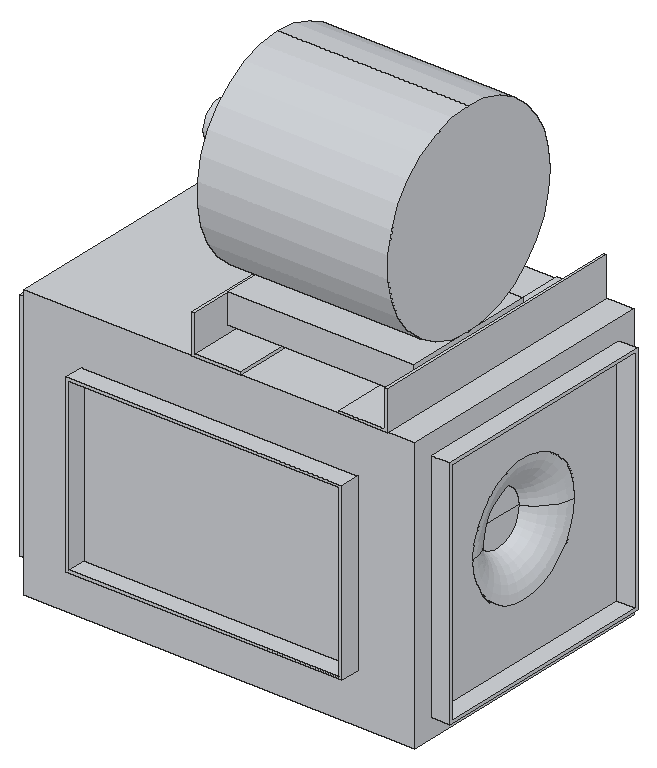
Revit family "SQN-B-SIDE", category Mechanical Equipment, Revit 2019
Family settings
  Round Connector Dimension = Use Diameter
  Part Type = Normal
  Work Plane-Based = No
  Always vertical = Yes
  Cut with Voids When Loaded = No
  Shared = No
  Room Calculation Point = No
Parameters (values of type "80_SQN-B-SIDE")
  ZERO = 0' - 0"
  Voltage [instance] = 0 V
  Unit Weight [instance] = ""
  URL = "www.lorencook.com"
  Type Comments = "Centrifugal Square Inline Side Discharge Belt Drive"  # constant formula
  T_SQ_HALF = T_SQ / 2  # 0' - 6"
  T_SQ = 1' - 0"
  TENTH_B = -B_SUB / 10  # -0' - 2"
  TENTHB+FOURTHB = TENTH_B - FOURTH_B  # -0' - 7"
  Static Pressure [instance] = 0.00 in-wg
  Sones [instance] = ""
  SHAFT_RAD = E_SUB / 12  # 0' - 1.04167"
  RAIL_SPACING = B_SUB / 2  # 0' - 10"
  Power [instance] = Voltage * Motor FLA * sqrt(if(Phase = 3, 3, 1))  # 0 VA
  Phase [instance] = 0
  Number of Poles [instance] = 1
  NEG_HALF_D = -HALF_D_SUB  # -0' - 7"
  NEG_HALF2H+D = -(FLANGE + FLANGE + D_SUB) / 2  # -0' - 8"
  NEGHALFC-B = -(C_SUB - B_SUB) / 2  # -0' - 1"
  Motor RPM [instance] = ""
  Motor Hp [instance] = "0"
  Motor FLA [instance] = 0 A
  Motor Enclosure [instance] = ""
  ModelID [instance] = ""
  Model = "SQN-B"  # constant formula
  Manufacturer = "Loren Cook Company"
  MOTOR_DEPTH = -RAIL_SPACING + 0' 0 1/4" - 0' 3"  # -1' - 0 3/4"
  LwA [instance] = ""
  IN_TENTH = INLET_RADIUS - D_SUB_TENTH  # 0' - 2.1"
  IN_RAD-D_SUB_TENTH = INLET_RADIUS - D_SUB_TENTH  # 0' - 2.1"
  INLET_RADIUS = HALF_D_SUB / 2  # 0' - 3 1/2"
  HALF_MP = (-TENTH_B + FOURTH_B) / 2  # 0' - 3 1/2"
  HALF_G = 0' - 11 101/256"
  HALF_F = 0' - 11 1/32"
  HALF_D_SUB_MIN_.25 = D_SUB_MINUS_.25 / 2  # 0' - 6 7/8"
  HALF_D_SUB = D_SUB / 2  # 0' - 7"
  HALF_D-F = (D_SUB - F_SUB) / 2  # 0' - 2 17/32"
  HALF_D-A = (D_SUB - A_SUB) / 2  # 0' - 1"
  HALF_D = D_SUB / 2  # 0' - 7"
  HALF_B-G = (B_SUB - G_SUB) / 2  # 0' - 2 15/16"
  HALF_B = B_SUB / 2  # 0' - 10"
  HALF_2H+D = (FLANGE + FLANGE + D_SUB) / 2  # 0' - 8"
  HALFC-B = (C_SUB - B_SUB) / 2  # 0' - 1"
  G_SUB = 1' - 2 1/8"
  Fan RPM [instance] = ""
  F_SUB = 0' - 8 15/16"
  FOURTH_B = B_SUB / 4  # 0' - 5"
  FLANGE = 0' - 1"
  E_SUB_DIRECT = D_SUB + 0' 2"  # 1' - 4"
  E_SUB = 1' - 0 1/2"
  D_PLUS_2 = D_SUB + 0' 2"  # 1' - 4"
  D_SUB_TENTH = D_SUB / 10  # 0' - 1.4"
  D_SUB_MINUS_.25 = D_SUB - 0' 0 1/4"  # 1' - 1 3/4"
  D_SUB = 1' - 2"
  DEPTH = B_SUB  # 1' - 8"
  C_SUB = 1' - 10"
  CFM [instance] = 0 CFM
  Brake Hp [instance] = ""
  B_SUB_MIN_.125 = B_SUB - 0' 0 1/8"  # 1' - 7 7/8"
  B_SUB = 1' - 8"
  Accessories [instance] = ""
  A_SUB = 1' - 0"
  1.5 = 0' - 1 1/2"  # constant formula
  ONE EIGTH = 0' - 0 1/8"  # constant formula
Types (19): name | TENTH_B | TENTHB+FOURTHB | SHAFT_RAD | RAIL_SPACING | NEG_HALF_D | NEG_HALF2H+D | NEGHALFC-B | MOTOR_DEPTH | IN_TENTH | IN_RAD-D_SUB_TENTH | INLET_RADIUS | HALF_MP | HALF_D_SUB_MIN_.25 | HALF_D_SUB | HALF_D-F | HALF_D-A | HALF_D | HALF_B-G | HALF_B | HALF_2H+D | HALFC-B | G_SUB | F_SUB | FOURTH_B | FLANGE | E_SUB_DIRECT | E_SUB | D_PLUS_2 | D_SUB_TENTH | D_SUB_MINUS_.25 | D_SUB | DEPTH | C_SUB | B_SUB_MIN_.125 | B_SUB | A_SUB
  (no name) | -0' - 2" | -0' - 7" | 0' - 1.04167" | 0' - 10" | -0' - 7" | -0' - 8" | -0' - 1" | -1' - 0 3/4" | 0' - 2.1" | 0' - 2.1" | 0' - 3 1/2" | 0' - 3 1/2" | 0' - 6 7/8" | 0' - 7" | 0' - 2 17/32" | 0' - 1" | 0' - 7" | 0' - 2 15/16" | 0' - 10" | 0' - 8" | 0' - 1" | 1' - 2 1/8" | 0' - 8 15/16" | 0' - 5" | 0' - 1" | 1' - 4" | 1' - 0 1/2" | 1' - 4" | 0' - 1.4" | 1' - 1 3/4" | 1' - 2" | 1' - 8" | 1' - 10" | 1' - 7 7/8" | 1' - 8" | 1' - 0"
  70_SQN-B-SIDE | -0' - 2" | -0' - 7" | 0' - 1.04167" | 0' - 10" | -0' - 7" | -0' - 8" | -0' - 1" | -1' - 0 3/4" | 0' - 2.1" | 0' - 2.1" | 0' - 3 1/2" | 0' - 3 1/2" | 0' - 6 7/8" | 0' - 7" | 0' - 2 17/32" | 0' - 1" | 0' - 7" | 0' - 2 15/16" | 0' - 10" | 0' - 8" | 0' - 1" | 1' - 2 1/8" | 0' - 8 15/16" | 0' - 5" | 0' - 1" | 1' - 4" | 1' - 0 1/2" | 1' - 4" | 0' - 1.4" | 1' - 1 3/4" | 1' - 2" | 1' - 8" | 1' - 10" | 1' - 7 7/8" | 1' - 8" | 1' - 0"
  80_SQN-B-SIDE | -0' - 2" | -0' - 7" | 0' - 1.04167" | 0' - 10" | -0' - 7" | -0' - 8" | -0' - 1" | -1' - 0 3/4" | 0' - 2.1" | 0' - 2.1" | 0' - 3 1/2" | 0' - 3 1/2" | 0' - 6 7/8" | 0' - 7" | 0' - 2 17/32" | 0' - 1" | 0' - 7" | 0' - 2 15/16" | 0' - 10" | 0' - 8" | 0' - 1" | 1' - 2 1/8" | 0' - 8 15/16" | 0' - 5" | 0' - 1" | 1' - 4" | 1' - 0 1/2" | 1' - 4" | 0' - 1.4" | 1' - 1 3/4" | 1' - 2" | 1' - 8" | 1' - 10" | 1' - 7 7/8" | 1' - 8" | 1' - 0"
  100_SQN-B-SIDE | -0' - 2" | -0' - 7" | 0' - 1.04167" | 0' - 10" | -0' - 7" | -0' - 8" | -0' - 1" | -1' - 0 3/4" | 0' - 2.1" | 0' - 2.1" | 0' - 3 1/2" | 0' - 3 1/2" | 0' - 6 7/8" | 0' - 7" | 0' - 2 17/32" | 0' - 1" | 0' - 7" | 0' - 2 15/16" | 0' - 10" | 0' - 8" | 0' - 1" | 1' - 2 1/8" | 0' - 8 15/16" | 0' - 5" | 0' - 1" | 1' - 4" | 1' - 0 1/2" | 1' - 4" | 0' - 1.4" | 1' - 1 3/4" | 1' - 2" | 1' - 8" | 1' - 10" | 1' - 7 7/8" | 1' - 8" | 1' - 0"
  120_SQN-B-SIDE | -0' - 2" | -0' - 7" | 0' - 1.04167" | 0' - 10" | -0' - 9 7/32" | -0' - 10 7/32" | -0' - 1" | -1' - 0 3/4" | 0' - 2 49/64" | 0' - 2 49/64" | 0' - 4 39/64" | 0' - 3 1/2" | 0' - 9 3/32" | 0' - 9 7/32" | 0' - 2 15/16" | 0' - 1 7/32" | 0' - 9 7/32" | 0' - 2 15/16" | 0' - 10" | 0' - 10 7/32" | 0' - 1" | 1' - 2 1/8" | 1' - 0 9/16" | 0' - 5" | 0' - 1" | 1' - 8 7/16" | 1' - 0 1/2" | 1' - 8 7/16" | 0' - 1 27/32" | 1' - 6 3/16" | 1' - 6 7/16" | 1' - 8" | 1' - 10" | 1' - 7 7/8" | 1' - 8" | 1' - 4"
  135_SQN-B-SIDE | -0' - 2.025" | -0' - 7.0875" | 0' - 1.04167" | 0' - 10 1/8" | -0' - 10 3/8" | -0' - 11 3/8" | -0' - 1" | -1' - 0 7/8" | 0' - 3.1125" | 0' - 3.1125" | 0' - 5 3/16" | 0' - 3.54375" | 0' - 10 1/4" | 0' - 10 3/8" | 0' - 3 13/16" | 0' - 1 3/8" | 0' - 10 3/8" | 0' - 3" | 0' - 10 1/8" | 0' - 11 3/8" | 0' - 1" | 1' - 2 1/4" | 1' - 1 1/8" | 0' - 5 1/16" | 0' - 1" | 1' - 10 3/4" | 1' - 0 1/2" | 1' - 10 3/4" | 0' - 2.075" | 1' - 8 1/2" | 1' - 8 3/4" | 1' - 8 1/4" | 1' - 10 1/4" | 1' - 8 1/8" | 1' - 8 1/4" | 1' - 6"
  150_SQN-B-SIDE | -0' - 2 3/16" | -0' - 7 21/32" | 0' - 1 1/16" | 0' - 10 15/16" | -0' - 11 1/2" | -1' - 0 1/2" | -0' - 1" | -1' - 1 11/16" | 0' - 3.45" | 0' - 3.45" | 0' - 5 3/4" | 0' - 3 53/64" | 0' - 11 3/8" | 0' - 11 1/2" | 0' - 3 7/16" | 0' - 1 1/2" | 0' - 11 1/2" | 0' - 2 31/32" | 0' - 10 15/16" | 1' - 0 1/2" | 0' - 1" | 1' - 3 15/16" | 1' - 4 1/8" | 0' - 5 15/32" | 0' - 1" | 2' - 1" | 1' - 0 3/4" | 2' - 1" | 0' - 2.3" | 1' - 10 3/4" | 1' - 11" | 1' - 9 7/8" | 1' - 11 7/8" | 1' - 9 3/4" | 1' - 9 7/8" | 1' - 8"
  165_SQN-B-SIDE | -0' - 2 1/2" | -0' - 8 3/4" | 0' - 1.22917" | 1' - 0 1/2" | -1' - 0 21/32" | -1' - 1 21/32" | -0' - 1" | -1' - 3 1/4" | 0' - 3 51/64" | 0' - 3 51/64" | 0' - 6 21/64" | 0' - 4 3/8" | 1' - 0 17/32" | 1' - 0 21/32" | 0' - 3 19/32" | 0' - 1 21/32" | 1' - 0 21/32" | 0' - 2 15/16" | 1' - 0 1/2" | 1' - 1 21/32" | 0' - 1" | 1' - 7 1/8" | 1' - 6 1/8" | 0' - 6 1/4" | 0' - 1" | 2' - 3 5/16" | 1' - 2 3/4" | 2' - 3 5/16" | 0' - 2 17/32" | 2' - 1 1/16" | 2' - 1 5/16" | 2' - 1" | 2' - 3" | 2' - 0 7/8" | 2' - 1" | 1' - 10"
  60_SQN-B-SIDE | -0' - 2" | -0' - 7" | 0' - 1.04167" | 0' - 10" | -0' - 7" | -0' - 8" | -0' - 1" | -1' - 0 3/4" | 0' - 2.1" | 0' - 2.1" | 0' - 3 1/2" | 0' - 3 1/2" | 0' - 6 7/8" | 0' - 7" | 0' - 2 17/32" | 0' - 1" | 0' - 7" | 0' - 2 15/16" | 0' - 10" | 0' - 8" | 0' - 1" | 1' - 2 1/8" | 0' - 8 15/16" | 0' - 5" | 0' - 1" | 1' - 4" | 1' - 0 1/2" | 1' - 4" | 0' - 1.4" | 1' - 1 3/4" | 1' - 2" | 1' - 8" | 1' - 10" | 1' - 7 7/8" | 1' - 8" | 1' - 0"
  180_SQN-B-SIDE | -0' - 2.8" | -0' - 9.8" | 0' - 1.22917" | 1' - 2" | -1' - 1 13/16" | -1' - 2 13/16" | -0' - 1" | -1' - 4 3/4" | 0' - 4.14375" | 0' - 4.14375" | 0' - 6 29/32" | 0' - 4.9" | 1' - 1 11/16" | 1' - 1 13/16" | 0' - 3 3/4" | 0' - 1 13/16" | 1' - 1 13/16" | 0' - 3 1/2" | 1' - 2" | 1' - 2 13/16" | 0' - 1" | 1' - 9" | 1' - 8 1/8" | 0' - 7" | 0' - 1" | 2' - 5 5/8" | 1' - 2 3/4" | 2' - 5 5/8" | 0' - 2.7625" | 2' - 3 3/8" | 2' - 3 5/8" | 2' - 4" | 2' - 6" | 2' - 3 7/8" | 2' - 4" | 2' - 0"
  195_SQN-B-SIDE | -0' - 3.025" | -0' - 10.5875" | 0' - 1 1/4" | 1' - 3 1/8" | -1' - 2 31/32" | -1' - 3 31/32" | -0' - 1" | -1' - 5 7/8" | 0' - 4.49062" | 0' - 4.49062" | 0' - 7 31/64" | 0' - 5.29375" | 1' - 2 27/32" | 1' - 2 31/32" | 0' - 3 29/32" | 0' - 1 31/32" | 1' - 2 31/32" | 0' - 3 1/2" | 1' - 3 1/8" | 1' - 3 31/32" | 0' - 1" | 1' - 11 1/4" | 1' - 10 1/8" | 0' - 7 9/16" | 0' - 1" | 2' - 7 15/16" | 1' - 3" | 2' - 7 15/16" | 0' - 2.99375" | 2' - 5 11/16" | 2' - 5 15/16" | 2' - 6 1/4" | 2' - 8 1/4" | 2' - 6 1/8" | 2' - 6 1/4" | 2' - 2"
  210_SQN-B-SIDE | -0' - 3.2" | -0' - 11.2" | 0' - 1 1/4" | 1' - 4" | -1' - 3 5/8" | -1' - 5 5/8" | -0' - 1 1/2" | -1' - 6 3/4" | 0' - 4 11/16" | 0' - 4 11/16" | 0' - 7 13/16" | 0' - 5.6" | 1' - 3 1/2" | 1' - 3 5/8" | 0' - 3 9/16" | 0' - 1 5/8" | 1' - 3 5/8" | 0' - 3 3/4" | 1' - 4" | 1' - 5 5/8" | 0' - 1 1/2" | 2' - 0 1/2" | 2' - 0 1/8" | 0' - 8" | 0' - 2" | 2' - 9 1/4" | 1' - 3" | 2' - 9 1/4" | 0' - 3 1/8" | 2' - 7" | 2' - 7 1/4" | 2' - 8" | 2' - 11" | 2' - 7 7/8" | 2' - 8" | 2' - 4"
  225_SQN-B-SIDE | -0' - 3.425" | -0' - 11.9875" | 0' - 1.27083" | 1' - 5 1/8" | -1' - 4 3/4" | -1' - 6 3/4" | -0' - 1 1/2" | -1' - 7 7/8" | 0' - 5.025" | 0' - 5.025" | 0' - 8 3/8" | 0' - 5.99375" | 1' - 4 5/8" | 1' - 4 3/4" | 0' - 3 11/16" | 0' - 1 3/4" | 1' - 4 3/4" | 0' - 3 3/4" | 1' - 5 1/8" | 1' - 6 3/4" | 0' - 1 1/2" | 2' - 2 3/4" | 2' - 2 1/8" | 0' - 8 9/16" | 0' - 2" | 2' - 11 1/2" | 1' - 3 1/4" | 2' - 11 1/2" | 0' - 3.35" | 2' - 9 1/4" | 2' - 9 1/2" | 2' - 10 1/4" | 3' - 1 1/4" | 2' - 10 1/8" | 2' - 10 1/4" | 2' - 6"
  245_SQN-B-SIDE | -0' - 3.4" | -0' - 11.9" | 0' - 1 7/16" | 1' - 5" | -1' - 6" | -1' - 8" | -0' - 2" | -1' - 7 3/4" | 0' - 5.4" | 0' - 5.4" | 0' - 9" | 0' - 5.95" | 1' - 5 7/8" | 1' - 6" | 0' - 3 7/16" | 0' - 1 1/2" | 1' - 6" | 0' - 3 31/32" | 1' - 5" | 1' - 8" | 0' - 2" | 2' - 2 1/16" | 2' - 5 1/8" | 0' - 8 1/2" | 0' - 2" | 3' - 2" | 1' - 5 1/4" | 3' - 2" | 0' - 3.6" | 2' - 11 3/4" | 3' - 0" | 2' - 10" | 3' - 2" | 2' - 9 7/8" | 2' - 10" | 2' - 9"
  270_SQN-B-SIDE | -0' - 3 3/4" | -1' - 1 1/8" | 0' - 1 7/16" | 1' - 6 3/4" | -1' - 7 27/32" | -1' - 9 27/32" | -0' - 2" | -1' - 9 1/2" | 0' - 5 61/64" | 0' - 5 61/64" | 0' - 9 59/64" | 0' - 6 9/16" | 1' - 7 23/32" | 1' - 7 27/32" | 0' - 3 19/32" | 0' - 1 5/8" | 1' - 7 27/32" | 0' - 3 29/32" | 1' - 6 3/4" | 1' - 9 27/32" | 0' - 2" | 2' - 5 11/16" | 2' - 8 1/2" | 0' - 9 3/8" | 0' - 2" | 3' - 5 11/16" | 1' - 5 1/4" | 3' - 5 11/16" | 0' - 3 31/32" | 3' - 3 7/16" | 3' - 3 11/16" | 3' - 1 1/2" | 3' - 5 1/2" | 3' - 1 3/8" | 3' - 1 1/2" | 3' - 0 7/16"
  300_SQN-B-SIDE | -0' - 3.8" | -1' - 1.3" | 0' - 1 7/16" | 1' - 7" | -1' - 10" | -2' - 0" | -0' - 2" | -1' - 9 3/4" | 0' - 6.6" | 0' - 6.6" | 0' - 11" | 0' - 6.65" | 1' - 9 7/8" | 1' - 10" | 0' - 3 15/16" | 0' - 2" | 1' - 10" | 0' - 3 15/16" | 1' - 7" | 2' - 0" | 0' - 2" | 2' - 6 1/8" | 3' - 0 1/8" | 0' - 9 1/2" | 0' - 2" | 3' - 10" | 1' - 5 1/4" | 3' - 10" | 0' - 4.4" | 3' - 7 3/4" | 3' - 8" | 3' - 2" | 3' - 6" | 3' - 1 7/8" | 3' - 2" | 3' - 4"
  330_SQN-B-SIDE | -0' - 4.175" | -1' - 2.6125" | 0' - 1 7/16" | 1' - 8 7/8" | -2' - 0 7/32" | -2' - 2 7/32" | -0' - 2" | -1' - 11 5/8" | 0' - 7 17/64" | 0' - 7 17/64" | 1' - 0 7/64" | 0' - 7.30625" | 2' - 0 3/32" | 2' - 0 7/32" | 0' - 4 5/32" | 0' - 2 7/32" | 2' - 0 7/32" | 0' - 4 31/32" | 1' - 8 7/8" | 2' - 2 7/32" | 0' - 2" | 2' - 7 13/16" | 3' - 4 1/8" | 0' - 10 7/16" | 0' - 2" | 4' - 2 7/16" | 1' - 5 1/4" | 4' - 2 7/16" | 0' - 4 27/32" | 4' - 0 3/16" | 4' - 0 7/16" | 3' - 5 3/4" | 3' - 9 3/4" | 3' - 5 5/8" | 3' - 5 3/4" | 3' - 8"
  365_SQN-B-SIDE | -0' - 4.2" | -1' - 2.7" | 0' - 1 7/16" | 1' - 9" | -2' - 1" | -2' - 3" | -0' - 2" | -1' - 11 3/4" | 0' - 7 1/2" | 0' - 7 1/2" | 1' - 0 1/2" | 0' - 7.35" | 2' - 0 7/8" | 2' - 1" | 0' - 3 31/32" | 0' - 2" | 2' - 1" | 0' - 4 29/32" | 1' - 9" | 2' - 3" | 0' - 2" | 2' - 8 3/16" | 3' - 6 1/16" | 0' - 10 1/2" | 0' - 2" | 4' - 4" | 1' - 5 1/4" | 4' - 4" | 0' - 5" | 4' - 1 3/4" | 4' - 2" | 3' - 6" | 3' - 10" | 3' - 5 7/8" | 3' - 6" | 3' - 10"
  402_SQN-B-SIDE | -0' - 4 5/8" | -1' - 4 3/16" | 0' - 1 7/16" | 1' - 11 1/8" | -2' - 3 9/16" | -2' - 5 9/16" | -0' - 2" | -2' - 1 7/8" | 0' - 8.26875" | 0' - 8.26875" | 1' - 1 25/32" | 0' - 8 3/32" | 2' - 3 7/16" | 2' - 3 9/16" | 0' - 4 3/32" | 0' - 2 3/16" | 2' - 3 9/16" | 0' - 4 27/32" | 1' - 11 1/8" | 2' - 5 9/16" | 0' - 2" | 3' - 0 9/16" | 3' - 10 15/16" | 0' - 11 9/16" | 0' - 2" | 4' - 9 1/8" | 1' - 5 1/4" | 4' - 9 1/8" | 0' - 5.5125" | 4' - 6 7/8" | 4' - 7 1/8" | 3' - 10 1/4" | 4' - 2 1/4" | 3' - 10 1/8" | 3' - 10 1/4" | 4' - 2 3/4"
Reference planes (in)
  plane 1 "Center (Front/Back)": y = 0
  plane 2: z = 0
  plane 3 "Center (Left/Right)": x = 0.40541
Forms (in)
  Extrusion 1, solid
    sketch origin (0, 0, 0) x (1, 0, 0) y (0, 1, 0)
      loop
        line (-9.59459, 7) -> (-9.59459, -7) -> (10.40541, -7) -> (10.40541, 7) -> (-9.59459, 7)
    from -7 <- "NEG_HALF_D" to 7 <- "HALF_D"
  Revolve 2, void
    sketch origin (0, 0, 0) x (1, 0, 0) y (0, 1, 0)
      loop
        line (10.40541, 5.5) -> (10.40541, 3.5)
        arc (10.40541, 3.5) -> (10.05609, 2.21622) -> (9.00541, 1.4) r 2.1
        line (9.00541, 1.4) -> (9.00541, 0) -> (12.41619, 0) -> (12.41619, 5.5) -> (10.40541, 5.5)
      axis (9.00541, 0) -> (12.41619, 0)
    angle from 0 to 360
  Extrusion 3, solid
    sketch origin (0, 0, 0) x (1, 0, 0) y (0, 0, 1)
      loop
        line (9.00541, 9) -> (8.88041, 9) -> (8.88041, 7.125) -> (6.50541, 7.125) -> (6.50541, 7) -> (9.00541, 7) -> (9.00541, 9)
    from 7 <- "HALF_D" to -7 <- "NEG_HALF_D"
  Extrusion 4, solid
    sketch origin (0, 0, 0) x (1, 0, 0) y (0, 0, 1)
      loop
        line (1.50541, 7) -> (1.50541, 7.125) -> (-0.86959, 7.125) -> (-0.86959, 9) -> (-0.99459, 9) -> (-0.99459, 7) -> (1.50541, 7)
    from 7 <- "HALF_D" to -7 <- "NEG_HALF_D"
  Extrusion 5, solid
    sketch origin (10.40541, 7, 0) x (0, -1, 0) y (0, 0, -1)
      loop
        line (13, -6) -> (13, 6) -> (1, 6) -> (1, -6) -> (13, -6)
      loop
        line (12.875, -5.875) -> (12.875, 5.875) -> (1.125, 5.875) -> (1.125, -5.875) -> (12.875, -5.875)
    from 0 to 1 <- "HALFC-B"
  Extrusion 6, solid
    sketch origin (-9.59459, -7, 0) x (0, 1, 0) y (0, 0, -1)
      loop
        line (13, -6) -> (13, 6) -> (1, 6) -> (1, -6) -> (13, -6)
    from 0 to 1 <- "HALFC-B"
  Extrusion 7, solid
    sketch origin (10.40541, -7, 0) x (-1, 0, 0) y (0, 0, -1)
      loop
        line (17.0625, -4.46875) -> (17.0625, 4.46875) -> (2.9375, 4.46875) -> (2.9375, -4.46875) -> (17.0625, -4.46875)
      loop
        line (16.9375, -4.34375) -> (16.9375, 4.34375) -> (3.0625, 4.34375) -> (3.0625, -4.34375) -> (16.9375, -4.34375)
    from 0 to 1 <- "FLANGE"
  Extrusion 8, solid
    sketch origin (-9.59459, 7, 0) x (1, 0, 0) y (0, 0, -1)
      loop
        line (17.0625, -4.46875) -> (17.0625, 4.46875) -> (2.9375, 4.46875) -> (2.9375, -4.46875) -> (17.0625, -4.46875)
      loop
        line (16.9375, -4.34375) -> (16.9375, 4.34375) -> (3.0625, 4.34375) -> (3.0625, -4.34375) -> (16.9375, -4.34375)
    from 0 to 1 <- "FLANGE"
  Extrusion 9, solid
    sketch origin (0, 0, -7) x (0, 1, 0) y (1, 0, 0)
      loop
        line (4.46875, 7.46791) -> (-4.46875, 7.46791) -> (-4.46875, -6.65709) -> (4.46875, -6.65709) -> (4.46875, 7.46791)
      loop
        line (4.34375, 7.34291) -> (-4.34375, 7.34291) -> (-4.34375, -6.53209) -> (4.34375, -6.53209) -> (4.34375, 7.34291)
    from 0 to 1 <- "FLANGE"
  Extrusion 10, solid
    sketch origin (0, 0, 0) x (1, 0, 0) y (0, 0, 1)
      loop
        line (-0.74459, 9.125) -> (-0.74459, 7.625) -> (8.75541, 7.625) -> (8.75541, 9.125) -> (-0.74459, 9.125)
    from 5 <- "FOURTH_B" to -2 <- "TENTH_B"
  Extrusion 11, solid
    sketch origin (8.75541, 0, 9.125) x (0, 0, -1) y (0, 1, 0)
      loop
        circle (-5.1875, -1.5) r 5.1875
    from 0 to -12.75 <- "MOTOR_DEPTH"
  Extrusion 12, void
    sketch origin (-3.99459, 0, 9.125) x (0, 0, -1) y (0, 1, 0)
      loop
        circle (-5.1875, -1.5) r 5.1875
      loop
        circle (-5.1875, -1.5) r 1.04167
    from 0 to 3
Cuts and joins
  Revolve 2 cuts Extrusion 1
  Extrusion 12 cuts Extrusion 11
Dimensions and locks (in)
  "B_SUB": Extrusion 1 sketch curve to Extrusion 1 sketch curve
  "D_SUB": Extrusion 1 sketch curve to Extrusion 1 sketch curve
  "HALF_B": plane 3 "Center (Left/Right)" to Extrusion 1 sketch curve
  "HALF_D": plane 1 "Center (Front/Back)" to Extrusion 1 sketch curve
  "INLET_RADIUS": plane 1 "Center (Front/Back)" to Revolve 2 sketch curve
  Revolve 2 sketch curve to Revolve 2 sketch curve = 0' - 2"
  "D_SUB_TENTH": plane 1 "Center (Front/Back)" to Revolve 2 sketch curve
  "D_SUB_TENTH": Revolve 2 sketch curve to Extrusion 1
  "ZERO": Revolve 2 sketch curve to plane 1 "Center (Front/Back)"  (x2)
  Extrusion 1 to Revolve 2 sketch curve = 0' - 2.01078"
  "ZERO": Revolve 2 sketch curve to cut or joined group of Extrusion 1, Revolve 2
  "E_SUB_DIRECT": Extrusion 3 sketch curve to cut or joined group of Extrusion 1, Revolve 2
  "ZERO": cut or joined group of Extrusion 1, Revolve 2 to Extrusion 3 sketch curve
  Extrusion 3 sketch curve to Extrusion 3 sketch curve = 0' - 2 1/2"
  "D_SUB_TENTH": Extrusion 3 sketch curve to cut or joined group of Extrusion 1, Revolve 2
  "ONE EIGTH": Extrusion 3 sketch curve to Extrusion 3 sketch curve
  "ONE EIGTH": Extrusion 3 sketch curve to cut or joined group of Extrusion 1, Revolve 2
  "RAIL_SPACING": Extrusion 3 to Extrusion 4 sketch curve
  "ZERO": Extrusion 4 sketch curve to Extrusion 3
  "ONE EIGTH": Extrusion 4 sketch curve to cut or joined group of Extrusion 1, Revolve 2
  "ONE EIGTH": Extrusion 4 sketch curve to Extrusion 4 sketch curve
  Extrusion 4 sketch curve to Extrusion 4 sketch curve = 0' - 2 1/2"
  "ZERO": cut or joined group of Extrusion 1, Revolve 2 to Extrusion 4 sketch curve
  "HALF_D-A": cut or joined group of Extrusion 1, Revolve 2 to Extrusion 5 sketch curve  (x3)
  "HALF_D-A": Extrusion 5 sketch curve to cut or joined group of Extrusion 1, Revolve 2
  "ONE EIGTH": Extrusion 5 sketch curve to Extrusion 5 sketch curve  (x4)
  "HALF_D-A": cut or joined group of Extrusion 1, Revolve 2 to Extrusion 6 sketch curve
  "HALF_D-A": Extrusion 6 sketch curve to cut or joined group of Extrusion 1, Revolve 2  (x3)
  "G_SUB": Extrusion 7 sketch curve to Extrusion 7 sketch curve
  "F_SUB": Extrusion 7 sketch curve to Extrusion 7 sketch curve
  "HALF_B-G": Extrusion 7 sketch curve to cut or joined group of Extrusion 1, Revolve 2
  "HALF_D-F": cut or joined group of Extrusion 1, Revolve 2 to Extrusion 7 sketch curve
  "ONE EIGTH": Extrusion 7 sketch curve to Extrusion 7 sketch curve  (x4)
  "ZERO": Extrusion 7 to Extrusion 8 sketch curve  (x4)
  "ZERO": Extrusion 8 sketch curve to Extrusion 7  (x4)
  "G_SUB": Extrusion 9 sketch curve to Extrusion 9 sketch curve
  "F_SUB": Extrusion 9 sketch curve to Extrusion 9 sketch curve
  "HALF_B-G": cut or joined group of Extrusion 1, Revolve 2 to Extrusion 9 sketch curve
  "HALF_D-F": Extrusion 9 sketch curve to cut or joined group of Extrusion 1, Revolve 2
  "ONE EIGTH": Extrusion 9 sketch curve to Extrusion 9 sketch curve  (x4)
  "1.5": Extrusion 10 sketch curve to Extrusion 10 sketch curve
  "ONE EIGTH": Extrusion 10 sketch curve to Extrusion 4  (x2)
  "ONE EIGTH": Extrusion 10 sketch curve to Extrusion 3
  "HALF_MP": Extrusion 10 to Extrusion 11 sketch curve
  "E_SUB": Extrusion 11 sketch curve to cut or joined group of Extrusion 1, Revolve 2
  "ZERO": Extrusion 11 sketch curve to Extrusion 10
  "IN_RAD-D_SUB_TENTH": radius of Revolve 2 sketch curve
  "SHAFT_RAD": radius of Extrusion 12 sketch curve
Automatic sketch dimensions
  Revolve 2 sketch curve to plane 3 "Center (Left/Right)" = 0' - 0"
  Revolve 2 sketch curve to Revolve 2 sketch curve = 0' - 3.98922"
  Extrusion 12 sketch curve to Extrusion 12 sketch curve = 0' - 0"  (x2)
  radius of Extrusion 12 sketch curve to Extrusion 11 = 0' - 0"
Connectors (in)
  electrical at (8.75541, -1.5, 14.3125)
    settings: on Extrusion 11, index 1, voltage 0 V, apparent load 0 VA, apparent load phase1 0 VA, apparent load phase2 0 VA, apparent load phase3 0 VA, power factor 1, load classification "Other", number of poles 1, system type 30, power factor state 1, is connector primary yes, connector utility no, sub classification motor no, connector description ""
  hvac at (11.40541, 0, 0), driven by "A_SUB", driven by "A_SUB"
    settings: on Extrusion 5, index 2, duct flow 0 CFM, flow factor 0, pres drop 0.00 in-wg, loss coef 0, conn angle 0.00°, conn width 12", conn height 12", conn diameter 24", duct sys type 29, conn prof type 1, flow config 0, flow direction 1, loss method 0, conn ref index -1, conn util no, is conn primary yes, conn desc ""
  hvac at (0.40541, 8, 0), driven by "F_SUB", driven by "G_SUB"
    settings: on Extrusion 8, index 4, duct flow 0 CFM, flow factor 0, pres drop 0.00 in-wg, loss coef 0, conn angle 0.00°, conn width 14 1/8", conn height 8 15/16", conn diameter 24", duct sys type 29, conn prof type 1, flow config 0, flow direction 2, loss method 0, conn ref index -1, conn util no, is conn primary no, conn desc ""
  hvac at (0.40541, 0, -8), driven by "G_SUB", driven by "F_SUB"
    settings: on Extrusion 9, index 5, duct flow 0 CFM, flow factor 0, pres drop 0.00 in-wg, loss coef 0, conn angle 0.00°, conn width 8 15/16", conn height 14 1/8", conn diameter 24", duct sys type 29, conn prof type 1, flow config 0, flow direction 2, loss method 0, conn ref index -1, conn util no, is conn primary no, conn desc ""
  hvac at (0.40541, -8, 0), driven by "G_SUB", driven by "F_SUB"
    settings: on Extrusion 7, index 6, duct flow 0 CFM, flow factor 0, pres drop 0.00 in-wg, loss coef 0, conn angle 0.00°, conn width 14 1/8", conn height 8 15/16", conn diameter 24", duct sys type 29, conn prof type 1, flow config 0, flow direction 2, loss method 0, conn ref index -1, conn util no, is conn primary no, conn desc ""
